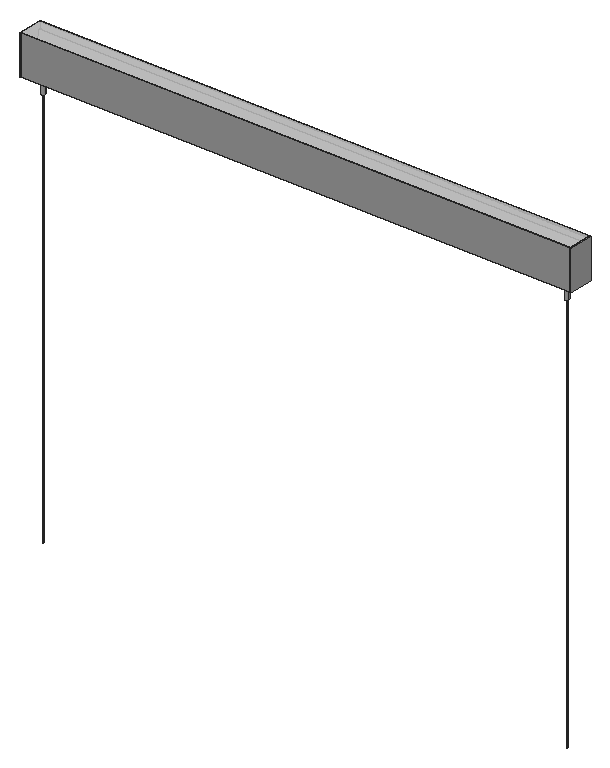
Revit family "2093110 Sylvania Lighting Fixture MC2-KIT D I 1-2M 3K DALIEM WHT PRIS", category Lighting Fixtures, host Face, Revit 2016
Family settings
  Host = Face
  Part Type = Normal
  Round Connector Dimension = Use Diameter
  OmniClass Number = 23.80.70.11.17
  OmniClass Title = Specialized Lighting by Location or Use
  Cut with Voids When Loaded = No
  Light Source = Yes
  Shared = No
  Room Calculation Point = No
Parameters (values of type "2093110 MC2-KIT D/I 1.2M 3K DALIEM WHT PRIS Emergency mode")
  Width_SYL = 54.0 mm
  Weight = "3.8 kg"
  Wattage = 35 W
  WarrantyStartDate [instance] = "n/a"
  WarrantyGuarantorParts = "n/a"
  WarrantyDurationUnit = "n/a"
  WarrantyDurationParts = "n/a"
  WarrantyDescription = "n/a"
  built-in parameter 1150110 = 1 (stored number, unit not read)
  Voltage = 0 V
  URL = "http://www.sylvania-lighting.com"
  TypeName = "MC2-KIT D/I 1.2M 3K DALIEM WHT PRIS Emergency mode"
  built-in parameter 1114217 = 1 (stored number, unit not read)
  Tilt Angle = -90.00°
  built-in parameter 1150109 = 1 (stored number, unit not read)
  built-in parameter 1150134 = (empty or 0)
  built-in parameter 1150113 = 1 (stored number, unit not read)
  SerialNumber [instance] = "n/a"
  PowerFactor = 0.95
  PowerConsumption = "35 W"
  NominalWidth = 0.0 mm
  NominalLength = 1200.0 mm
  NominalHeight = 86.0 mm
  Name = "MC2-KIT D/I 1.2M 3K DALIEM WHT PRIS Emergency mode"
  ModelReference = "MC2-KIT D/I 1.2M 3K DALIEM WHT PRIS"
  ModelNumber = "2093110"
  Material_3_SYL = Metal_Sylvania_Mini Contiuum II_Silver
  Photometric Web File = "2093110EM.ies"
  Material_4_SYL = Metal_Sylvania_Mini Contiuum II_Silver
  MountingHeight_SYL [instance] = 1000.0 mm
  Material = "aluminium housing, polycarbonate diffuser"
  ManufacturerName = "Feilo Sylvania"
  LuminousEfficacy = "3.457 lm/W"
  LuminaireType = ""
  LightOutputRatio = "100"
  Length_SYL = 1200.0 mm
  LampsType = Lamp  # "LED"
  LampNominalLuminous = "121 lm"
  LampMacAdamStep = "3"
  LampColourTemperature = "3000 K"
  LampColourRenderingIndex = "80"
  Keynote = "16500"
  InstallationDate [instance] = "n/a"
  InputVoltage = "n/a"
  InputNominalFrequency = "n/a"
  IngressProtection = "IP20"
  ImpactProtectionIndex = "n/a"
  IfcExportType = "IfcLightFixtureType"
  IfcExportAs = "IfcLightFixtureType"
  Height_SYL = 86.0 mm
  ExpectedLife = 50000
  EndCapRight_SYL = yes
  EndCapLeft_SYL = yes
  Emit from Rectangle Width = Width_SYL - 2.0 mm  # 52.0 mm
  Emit from Rectangle Length = Length_SYL  # 1200.0 mm
  Emit Shape Visible in Rendering = no
  ElectricShockClassification = "Class I"
  DurationUnit = "hours"
  DocumentationLiterature = "http://www.sylvania-lighting.com/product/en-int/products/2093110"
  DimmingControlOptions = "n/a"
  CreatedOn = "10/15/2018"
  CreatedBy = "@sylvania-lighting.com"
  built-in parameter 1114216 [instance] = 1 (stored number, unit not read)
  Model = "MC2-KIT D/I 1.2M 3K DALIEM WHT PRIS"
  Manufacturer = "Feilo Sylvania"
  built-in parameter 1150105 = 9.6289 (stored number, unit not read)
  Lumens = 121 lm
  built-in parameter 1150115 = 1 (stored number, unit not read)
  built-in parameter 1150137 = (empty or 0)
  built-in parameter 1150139 = (empty or 0)
  built-in parameter 1150112 = 1 (stored number, unit not read)
  built-in parameter 1150114 = 1 (stored number, unit not read)
  Lamp = "LED"
  built-in parameter 1150132 = 2
  built-in parameter 1150102 = (empty or 0)
  built-in parameter 1150107 = 3000 (stored number, unit not read)
  built-in parameter 1150138 = (empty or 0)
  built-in parameter 1150106 = 0.096289 (stored number, unit not read)
  Material_1_SYL = Metal_Sylvania_Mini Continuum II_White
  built-in parameter 1150104 = 0.32118 (stored number, unit not read)
  Dimming Lamp Color Temperature Shift = <None>
  Material_2_SYL = Polycarbonate_Sylvania_Mini Continuum II_Opal_4000K
  Description = "2093110   MC2-KIT D/I 1.2M 3K DALIEM WHT PRIS  Continuous lines of LED light, white RAL 9016, direct/indirect distribution (65/35), suspended kit version is pre-wired and supplied complete with end caps and suspension cables, compact and minimalist design based on the Golden Mean, ideal for offices, meeting rooms, corridors, education facilities, museums and libraries, extruded aluminium body, diffuser: micro prismatic, colour temperature: 3000K warm white, total system power: 35W, total fixture output: 3696lm, luminaire efficacy: 106lm/W, LOR: 100%, colour rendering: Ra >80, LED Chromacity: 1 step MacAdam ellipse, lifetime: 60,000 hours at 90% of the original output (L90), energy class: A++, A+, A, IR/UV free light source without heat radiation, operating voltage: 220-240V / 50-60Hz, drive current: (Direct) 800mA + (Indirect) 350mA, electronic driver, DALI dimmable, direct/indirect independently addressable, integral emergency: 3 hour maintained, electrical protection: CLASS I, IP20, suitable for internal environment only."
  Default Elevation = 0.0 mm
  Color Filter = 16777215
  built-in parameter 1140040 [instance] = 1
  BarCode [instance] = "n/a"
  built-in parameter 1114218 = 1 (stored number, unit not read)
  built-in parameter 1150133 = 10 (stored number, unit not read)
  AssetType = "Fixed"
  AssetIdentifier [instance] = "n/a"
  Assembly Code = "D5020200"
  Apparent Load = 35 VA
Types (2, lengths in mm): name | TypeName | Name | Photometric Web File | LuminousEfficacy | LampNominalLuminous | built-in parameter 1150105 | Lumens | built-in parameter 1150106 | built-in parameter 1150104
  2093110 MC2-KIT D/I 1.2M 3K DALIEM WHT PRIS Emergency mode | "MC2-KIT D/I 1.2M 3K DALIEM WHT PRIS Emergency mode" | "MC2-KIT D/I 1.2M 3K DALIEM WHT PRIS Emergency mode" | "2093110EM.ies" | "3.457 lm/W" | "121 lm" | 9.6289 (stored number, unit not read) | 121 lm | 0.096289 (stored number, unit not read) | 0.32118 (stored number, unit not read)
  2093110 MC2-KIT D/I 1.2M 3K DALIEM WHT PRIS | "MC2-KIT D/I 1.2M 3K DALIEM WHT PRIS" | "MC2-KIT D/I 1.2M 3K DALIEM WHT PRIS" | "2093110.ies" | "106 lm/W" | "3696 lm" | 295.23 (stored number, unit not read) | 3710 lm | 2.9523 (stored number, unit not read) | 9.8477 (stored number, unit not read)
Reference planes
  plane 1 "Center (Front/Back)": y = 0
  plane 2 "Bottom Fixtures": z = 0
  plane 3 "Center (Left/Right)": x = 0
  plane 4 "Fixture Left": x = -600
  plane 5 "Fixture Right": x = 600
  plane 6 "Fixture Bottom": z = 1000
  plane 7: z = 998
  plane 8: z = 996
  plane 9: z = 986.951
  plane 10: z = 956.951
  plane 11 "Fixture Top": z = 914
  plane 12 "Mounting Right": x = 572
  plane 13 "Mounting Left": x = -572
  plane 14: z = 879
  plane 15: y = 27
  plane 16: y = -27
  plane 17: y = -26
  plane 18: y = -25
  plane 19: y = 26
  plane 20: y = 25
  plane 21: y = 11
  plane 22: y = -11
  plane 23: y = 24
  plane 24: y = 22
  plane 25: y = -22
  plane 26: y = 15
  plane 27: y = -15
  plane 28 "Upper Diffuser Left": x = -450
  plane 29 "Upper Diffuser Right": x = 450
  plane 30: x = -602
  plane 31: x = 602
Forms (mm)
  Extrusion 1, solid, material "Metal_Sylvania_Mini Continuum II_White" <- "Material_1_SYL", detail levels fine
    sketch origin (0, 0, 520) x (0, 1, 0) y (0, 0, 1)
      loop
        line (27, 480) -> (26, 480) -> (26, 478) -> (25, 478) -> (25, 396) -> (13, 396) -> (13, 398) -> (-13, 398) -> (-13, 396) -> (-25, 396) -> (-25, 478) -> (-26, 478) -> (-26, 480) -> (-27, 480) -> (-27, 394) -> (-11, 394) -> (-11, 396) -> (11, 396) -> (11, 394) -> (27, 394) -> (27, 480)
    from -600 to 600
  Extrusion 2, solid, material "Polycarbonate_Sylvania_Mini Continuum II_Opal_4000K" <- "Material_2_SYL", detail levels fine
    sketch origin (0, 0, 520) x (0, 1, 0) y (0, 0, 1)
      loop
        line (-26, 480) -> (-26, 478) -> (26, 478) -> (26, 480) -> (-26, 480)
    from -600 to 600
  Extrusion 3, solid, material "Metal_Sylvania_Mini Contiuum II_Silver" <- "Material_3_SYL", detail levels fine
    sketch origin (0, 0, 520) x (0, 1, 0) y (0, 0, 1)
      loop
        line (22, 466.951) -> (20.973, 466.951) -> (14.206, 437.951) -> (11, 437.951) -> (11, 436.951) -> (15, 436.951) -> (22, 466.951)
      loop
        line (-15, 436.951) -> (-11, 436.951) -> (-11, 437.951) -> (-14.206, 437.951) -> (-20.973, 466.951) -> (-22, 466.951) -> (-15, 436.951)
    from -600 to 600
  Extrusion 4, solid, material "Metal_Sylvania_Mini Continuum II_White" <- "Material_1_SYL", detail levels coarse+medium
    sketch origin (0, 0, 520) x (0, 1, 0) y (0, 0, 1)
      loop
        line (-27, 480) -> (-27, 394) -> (27, 394) -> (27, 480) -> (-27, 480)
    from -600 to 600
  Extrusion 5, solid, material "Metal_Sylvania_Mini Contiuum II_Silver" <- "Material_4_SYL", detail levels fine
    sketch origin (0, 0, -86) x (-1, 0, 0) y (0, -1, 0)
      loop
        circle (572, 0) r 4
      loop
        circle (-572, 0) r 4
    from 965 to 1002
  Extrusion 6, solid, material "Metal_Sylvania_Mini Contiuum II_Silver" <- "Material_4_SYL", detail levels fine
    sketch origin (0, 0, -86) x (-1, 0, 0) y (0, -1, 0)
      loop
        circle (-572, 0) r 1
      loop
        circle (572, 0) r 1
    from 86 to 965
  Extrusion 7, solid, material "Polycarbonate_Sylvania_Mini Continuum II_Opal_4000K" <- "Material_2_SYL", detail levels fine
    sketch origin (0, 0, 0) x (0, 1, 0) y (0, 0, 1)
      loop
        arc (11, 916) -> (5.59, 914.504) -> (0, 914) r 31.25
        arc (0, 914) -> (-5.59, 914.504) -> (-11, 916) r 31.25
        line (-11, 916) -> (-11, 914.934)
        arc (-11, 914.934) -> (-5.584, 913.487) -> (0, 913) r 32.25
        arc (0, 913) -> (5.584, 913.487) -> (11, 914.934) r 32.25
        line (11, 914.934) -> (11, 916)
    from -450 to 450
  Extrusion 8, void
    sketch origin (0, 0, 0) x (0, 1, 0) y (0, 0, 1)
      loop
        line (11, 918) -> (-11, 918) -> (-11, 916) -> (11, 916) -> (11, 918)
    from -450 to 450
  Extrusion 9, solid, material "Metal_Sylvania_Mini Continuum II_White" <- "Material_1_SYL", visible <- "EndCapLeft_SYL"
    sketch origin (-600, 171.684, 1219.2) x (0, 1, 0) y (0, 0, 1)
      loop
        line (-198.684, -305.2) -> (-144.684, -305.2) -> (-144.684, -219.2) -> (-198.684, -219.2) -> (-198.684, -305.2)
    from 0 to -2
  Extrusion 10, solid, material "Metal_Sylvania_Mini Continuum II_White" <- "Material_1_SYL", visible <- "EndCapRight_SYL"
    sketch origin (600, 171.684, 1219.2) x (0, 1, 0) y (0, 0, -1)
      loop
        line (-144.684, 219.2) -> (-144.684, 305.2) -> (-198.684, 305.2) -> (-198.684, 219.2) -> (-144.684, 219.2)
    from 0 to -2
Cuts and joins
  Extrusion 8 cuts Extrusion 1
Lines and regions (mm)
  Masking region 1
    outline origin (0, 0, -86) x (-1, 0, 0) y (0, -1, 0)
      loop
        line (600, -27) -> (600, 27) -> (-600, 27) -> (-600, -27) -> (600, -27)
  symbolic lines, detail levels fine
    curve 1: line (-600, 26, -86) -> (600, 26, -86)
    curve 2: line (-600, -26, -86) -> (600, -26, -86)
  model lines, detail levels coarse+medium
    curve 3: line (-572, 0, 914) -> (-572, 0, 0)
    curve 4: line (572, 0, 914) -> (572, 0, 0)
Dimensions and locks
  host sketch curve to plane 3 "Center (Left/Right)" to host sketch curve = 820.0 mm, 775.047 mm
  equal spacing: plane 4 "Fixture Left", plane 3 "Center (Left/Right)", plane 5 "Fixture Right"
  "Length_SYL": plane 4 "Fixture Left" to plane 5 "Fixture Right"
  plane 6 "Fixture Bottom" to plane 7 to plane 8 to plane 9 to plane 10 = 2.0 mm locked, 2.0 mm locked, 9.049 mm locked, 30.0 mm locked
  locked: Extrusion 1 sketch curve to Extrusion 1 sketch curve at 2
  locked: Extrusion 1 sketch curve to plane 11 "Fixture Top" at 2
  "Height_SYL": plane 6 "Fixture Bottom" to plane 11 "Fixture Top"
  locked: plane 12 "Mounting Right" to plane 5 "Fixture Right" at 28
  locked: plane 4 "Fixture Left" to plane 13 "Mounting Left" at 28
  locked: plane 11 "Fixture Top" to plane 14 at 35
  "MountingHeight_SYL": plane 6 "Fixture Bottom" to plane 2 "Bottom Fixtures"
  equal spacing: plane 15, plane 1 "Center (Front/Back)", plane 16
  "Width_SYL": plane 15 to plane 16
  plane 22 to plane 27 to plane 25 to plane 18 to plane 17 to plane 16 = 4.0 mm locked, 7.0 mm locked, 3.0 mm locked, 1.0 mm locked, 1.0 mm locked
  plane 15 to plane 19 to plane 20 to plane 23 to plane 24 to plane 26 to plane 21 = 1.0 mm locked, 1.0 mm locked, 1.0 mm locked, 2.0 mm locked, 7.0 mm locked, 4.0 mm locked
  locked: plane 4 "Fixture Left" to plane 28 "Upper Diffuser Left" at 150
  locked: plane 29 "Upper Diffuser Right" to plane 5 "Fixture Right" at 150
  equal spacing: plane 30, plane 3 "Center (Left/Right)", plane 31
  locked: plane 30 to plane 4 "Fixture Left" at 2
  aligned and locked: plane 2 "Bottom Fixtures" to host face
  aligned and locked: level to host face
  aligned and locked: plane 5 "Fixture Right" to curve 1
  aligned and locked: plane 4 "Fixture Left" to curve 1
  aligned and locked: plane 4 "Fixture Left" to curve 2
  aligned and locked: plane 5 "Fixture Right" to curve 2
  aligned and locked: Extrusion 1 sketch curve to plane 7
  aligned and locked: plane 6 "Fixture Bottom" to Extrusion 1 sketch curve  (x2)
  aligned and locked: plane 7 to Extrusion 1 sketch curve
  aligned and locked: Extrusion 1 to Extrusion 2 sketch curve
  aligned and locked: Extrusion 2 sketch curve to Extrusion 1  (x3)
  aligned and locked: Extrusion 3 sketch curve to plane 10
  aligned and locked: plane 9 to Extrusion 3 sketch curve
  aligned and locked: Extrusion 3 sketch curve to plane 9
  aligned and locked: Extrusion 4 sketch curve to plane 6 "Fixture Bottom"
  aligned and locked: Extrusion 4 to plane 4 "Fixture Left"
  aligned and locked: Extrusion 2 to plane 4 "Fixture Left"
  aligned and locked: Extrusion 3 to plane 4 "Fixture Left"
  aligned and locked: Extrusion 1 to plane 4 "Fixture Left"
  aligned and locked: Extrusion 4 to plane 5 "Fixture Right"
  aligned and locked: Extrusion 2 to plane 5 "Fixture Right"
  aligned and locked: Extrusion 3 to plane 5 "Fixture Right"
  aligned and locked: Extrusion 1 to plane 5 "Fixture Right"
  aligned and locked: plane 11 "Fixture Top" to Extrusion 4 sketch curve
  aligned and locked: Extrusion 1 sketch curve to plane 11 "Fixture Top"  (x2)
  aligned and locked: Extrusion 1 sketch curve to Extrusion 1 sketch curve
  aligned and locked: plane 6 "Fixture Bottom" to imposter light
  aligned and locked: plane 11 "Fixture Top" to curve 3
  aligned and locked: plane 2 "Bottom Fixtures" to curve 3
  aligned and locked: plane 11 "Fixture Top" to curve 4
  aligned and locked: plane 2 "Bottom Fixtures" to curve 4
  aligned and locked: curve 4 to plane 12 "Mounting Right"
  aligned and locked: curve 3 to plane 13 "Mounting Left"
  aligned and locked: Extrusion 5 to Extrusion 1
  aligned and locked: Extrusion 5 to plane 14
  aligned and locked: plane 14 to Extrusion 6
  aligned and locked: Extrusion 6 to level
  aligned and locked: plane 11 "Fixture Top" to Extrusion 7 sketch curve
  aligned and locked: Extrusion 7 to plane 28 "Upper Diffuser Left"
  aligned and locked: Extrusion 7 to plane 29 "Upper Diffuser Right"
  aligned and locked: plane 21 to Extrusion 3 sketch curve
  aligned and locked: Extrusion 3 sketch curve to plane 22
  aligned and locked: Extrusion 8 sketch curve to plane 21
  aligned and locked: Extrusion 8 sketch curve to plane 22
  aligned and locked: Extrusion 8 sketch curve to Extrusion 1  (x2)
  aligned and locked: Extrusion 8 to Extrusion 7  (x2)
  aligned and locked: plane 21 to Extrusion 7 sketch curve
  aligned and locked: plane 1 "Center (Front/Back)" to Extrusion 7 sketch curve
  aligned and locked: plane 22 to Extrusion 7 sketch curve
  aligned and locked: Extrusion 9 sketch curve to Extrusion 4  (x4)
  aligned and locked: Extrusion 9 to plane 30
  aligned and locked: plane 4 "Fixture Left" to Extrusion 9
  aligned and locked: Extrusion 10 sketch curve to Extrusion 4  (x4)
  aligned and locked: plane 31 to Extrusion 10
  aligned and locked: plane 5 "Fixture Right" to Extrusion 10
Automatic sketch dimensions
  host sketch curve to host sketch curve = 1047.463 mm
  plane 19 to curve 1 = 0.0 mm
  curve 2 to plane 17 = 0.0 mm
  Masking region 1 sketch curve to plane 5 "Fixture Right" = 0.0 mm
  Masking region 1 sketch curve to plane 4 "Fixture Left" = 0.0 mm
  plane 15 to Masking region 1 sketch curve = 0.0 mm
  Masking region 1 sketch curve to plane 16 = 0.0 mm
  Extrusion 1 sketch curve to plane 16 = 0.0 mm
  Extrusion 1 sketch curve to plane 17 = 0.0 mm
  Extrusion 1 sketch curve to plane 18 = 0.0 mm
  Extrusion 1 sketch curve to plane 22 = 0.0 mm
  Extrusion 1 sketch curve to plane 21 = 0.0 mm
  Extrusion 1 sketch curve to plane 20 = 0.0 mm
  Extrusion 1 sketch curve to plane 19 = 0.0 mm
  Extrusion 1 sketch curve to plane 15 = 0.0 mm
  plane 11 "Fixture Top" to Extrusion 1 sketch curve = 2.0 mm
  Extrusion 1 sketch curve to plane 22 = 2.0 mm
  Extrusion 1 sketch curve to plane 21 = 2.0 mm
  Extrusion 3 sketch curve to plane 25 = 0.0 mm
  Extrusion 3 sketch curve to plane 27 = 0.0 mm
  Extrusion 3 sketch curve to plane 26 = 0.0 mm
  Extrusion 3 sketch curve to plane 24 = 0.0 mm
  plane 10 to Extrusion 3 sketch curve = 1.0 mm
  Extrusion 3 sketch curve to Extrusion 3 sketch curve = 1.027 mm
  plane 27 to Extrusion 3 sketch curve = 0.794 mm
  plane 26 to Extrusion 3 sketch curve = 0.794 mm
  plane 24 to Extrusion 3 sketch curve = 1.027 mm
  Extrusion 4 sketch curve to plane 16 = 0.0 mm
  Extrusion 4 sketch curve to plane 15 = 0.0 mm
  plane 1 "Center (Front/Back)" to Extrusion 5 sketch curve = 0.0 mm  (x2)
  Extrusion 5 sketch curve to plane 12 "Mounting Right" = 0.0 mm
  Extrusion 5 sketch curve to plane 13 "Mounting Left" = 0.0 mm
  plane 1 "Center (Front/Back)" to Extrusion 6 sketch curve = 0.0 mm  (x2)
  Extrusion 6 sketch curve to plane 12 "Mounting Right" = 0.0 mm
  Extrusion 6 sketch curve to plane 13 "Mounting Left" = 0.0 mm
  Extrusion 7 sketch curve to Extrusion 7 sketch curve = 0.0 mm  (x4)
  plane 11 "Fixture Top" to Extrusion 7 sketch curve = 0.934 mm
  Extrusion 3 sketch curve to Extrusion 3 sketch curve = 0.0 mm
  Extrusion 3 sketch curve to plane 10 = 0.0 mm
  plane 11 "Fixture Top" to Extrusion 7 sketch curve = 2.0 mm
  radius of Extrusion 5 sketch curve = 4.0 mm  (x2)
  radius of Extrusion 6 sketch curve = 1.0 mm  (x2)
Connectors
  electrical at (600, 0, 949), driven by "Apparent Load"
    settings: on Extrusion 1, index 1, voltage 230 V, apparent load 0 VA, apparent load phase1 35 VA, apparent load phase2 0 VA, apparent load phase3 0 VA, power factor 1, load classification "Lighting", number of poles 1, system type 31, power factor state 1, is connector primary yes, connector utility no, sub classification motor no, connector description ""
